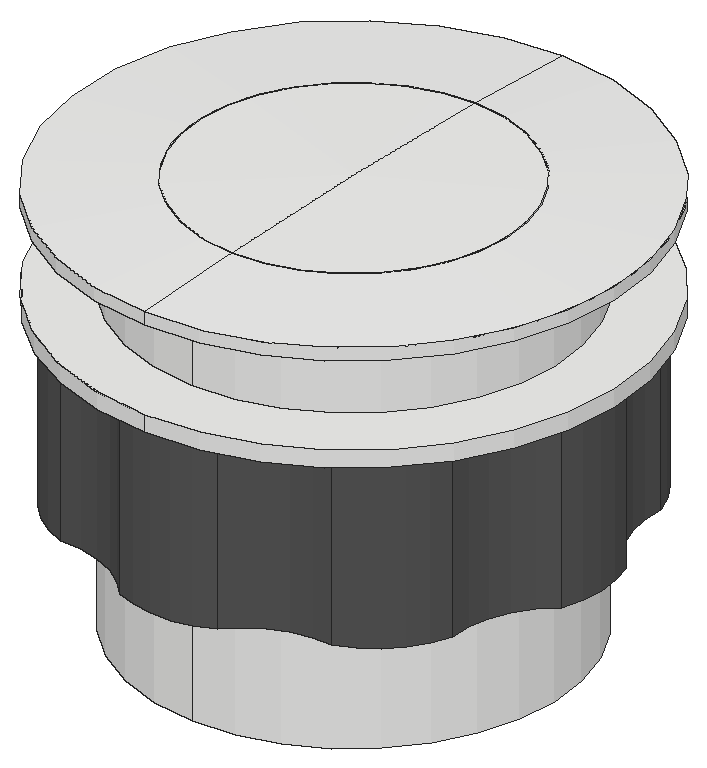
Revit family "Electronics_Masking-Generators_Biamp_Qt-Conference-Room-Edition_Emitter-W", category Communication Devices, host Face, Revit 2020 (continued)
Automatic sketch dimensions
  curve 4 to Extrusion 17 sketch curve = 14.3079"
  Extrusion 17 sketch curve to Extrusion 17 sketch curve = 2.42126"  (x2)
  Extrusion 17 sketch curve to curve 4 = 2.42126"
  Extrusion 17 sketch curve to Extrusion 17 sketch curve = 1.26181"
  Sweep 18 sketch curve to curve 4 = 17.85746"
  curve 4 to Sweep 18 sketch curve = 12.16535"
  Sweep 18 sketch curve to curve 4 = 12.16535"
  Sweep 18 sketch curve to profile plane = 0"  (x3)
  profile plane to Sweep 18 sketch curve = 0.07874"
  Sweep 18 sketch curve to Sweep 18 sketch curve = 1.49606"  (x4)
  Sweep 18 sketch curve to profile plane = 4.84252"
  Sweep 18 sketch curve to Sweep 18 sketch curve = 0.07874"
  Sweep 18 sketch curve to profile plane = 0.07874"  (x2)
  Sweep 18 to Extrusion 19 sketch curve = 0.07874"
  Extrusion 19 sketch curve to Sweep 18 = 0"  (x3)
  Extrusion 19 sketch curve to Extrusion 19 sketch curve = 0.82677"
  Extrusion 19 sketch curve to Extrusion 19 sketch curve = 0.07874"  (x2)
  Extrusion 19 sketch curve to Sweep 18 = 0.59055"
  Extrusion 20 sketch curve to Sweep 18 = 0"  (x2)
  Sweep 18 to Extrusion 20 sketch curve = 0"
  Sweep 18 to Extrusion 20 sketch curve = 0.07874"
  Extrusion 20 sketch curve to Extrusion 20 sketch curve = 0.82677"
  Extrusion 20 sketch curve to Extrusion 20 sketch curve = 0.07874"  (x2)
  Sweep 18 to Extrusion 20 sketch curve = 0.59055"
  Extrusion 21 sketch curve to Sweep 18 = 0"  (x2)
  Sweep 18 to Extrusion 21 sketch curve = 25.15748"
  Sweep 18 to Extrusion 21 sketch curve = 25.23622"
  Extrusion 21 sketch curve to Extrusion 21 sketch curve = 0.82677"
  Extrusion 21 sketch curve to Extrusion 21 sketch curve = 0.07874"  (x2)
  Extrusion 21 sketch curve to Sweep 18 = 0.59055"
  Extrusion 22 sketch curve to Sweep 18 = 0"  (x2)
  Sweep 18 to Extrusion 22 sketch curve = 25.15748"
  Sweep 18 to Extrusion 22 sketch curve = 25.23622"
  Extrusion 22 sketch curve to Extrusion 22 sketch curve = 0.82677"
  Extrusion 22 sketch curve to Extrusion 22 sketch curve = 0.07874"  (x2)
  Sweep 18 to Extrusion 22 sketch curve = 0.59055"
  Sweep 23 sketch curve to level = 1.23668"
  Sweep 23 sketch curve to plane 1 "Center (Front/Back)" = 0.55221"
  Sweep 23 sketch curve to Sweep 23 sketch curve = 0.94094"
  Sweep 23 sketch curve to Sweep 23 sketch curve = 0.81102"
  Sweep 23 sketch curve to Sweep 23 sketch curve = 1.42618"
  Sweep 23 sketch curve to Sweep 23 sketch curve = 0"  (x18)
  Sweep 23 sketch curve to profile plane = 0.0092"  (x2)
  Sweep 23 sketch curve to profile plane = 0.0683"  (x2)
  Sweep 23 sketch curve to Sweep 23 sketch curve = 0.0739"
  Sweep 23 sketch curve to Sweep 23 sketch curve = 0.04123"  (x2)
  Sweep 23 sketch curve to Sweep 23 sketch curve = 0.02486"  (x2)
  Sweep 23 sketch curve to Sweep 23 sketch curve = 0.0406"  (x2)
  Sweep 23 sketch curve to Sweep 23 sketch curve = 0.07874"
  Sweep 23 sketch curve to Sweep 23 sketch curve = 0.02368"  (x2)
  Sweep 23 sketch curve to plane 3 "Center (Left/Right)" = 0.31806"
  Sweep 23 sketch curve to Sweep 23 sketch curve = 0.04053"  (x2)
  Sweep 23 sketch curve to Sweep 23 sketch curve = 0.03244"
  Sweep 23 sketch curve to Sweep 23 sketch curve = 0.0351"  (x2)
  Sweep 23 sketch curve to plane 3 "Center (Left/Right)" = 0.12412"
  Sweep 23 sketch curve to plane 3 "Center (Left/Right)" = 0.111"
  plane 3 "Center (Left/Right)" to Sweep 23 sketch curve = 0.111"
  Sweep 23 sketch curve to Sweep 23 sketch curve = 0.01312"
  Sweep 23 sketch curve to Sweep 23 sketch curve = 0.11832"
  Sweep 23 sketch curve to Sweep 23 sketch curve = 0.02357"
  Sweep 23 sketch curve to profile plane = 0.0148"  (x2)
  Revolve 24 sketch curve to level = 0"
  Revolve 24 sketch curve to plane 1 "Center (Front/Back)" = 0"  (x2)
  level to Revolve 24 sketch curve = 0.18201"
  plane 1 "Center (Front/Back)" to Revolve 24 sketch curve = 0.47679"
  level to Revolve 24 sketch curve = 0.14035"
  Revolve 24 sketch curve to Revolve 24 sketch curve = 2.47596"
  Revolve 24 sketch curve to plane 1 "Center (Front/Back)" = 0.16867"
  Revolve 24 sketch curve to Revolve 24 sketch curve = 11.65138"
  plane 1 "Center (Front/Back)" to Revolve 24 sketch curve = 0"
  Revolve 24 sketch curve to Revolve 24 sketch curve = 0.33877"
  Revolve 24 sketch curve to Revolve 24 sketch curve = 0.19685"
  Revolve 24 sketch curve to Revolve 24 sketch curve = 0.20302"
  Revolve 24 sketch curve to Revolve 24 sketch curve = 1.11409"
  Revolve 26 sketch curve to curve 1 = 0"  (x2)
  Revolve 26 sketch curve to curve 1 = 0.35442"  (x2)
  Revolve 26 sketch curve to Revolve 26 sketch curve = 0.48967"
  Revolve 26 sketch curve to Revolve 26 sketch curve = 0.12798"
  Revolve 26 sketch curve to Revolve 26 sketch curve = 0.30224"
  Revolve 26 sketch curve to Revolve 26 sketch curve = 0.40354"
  Revolve 26 sketch curve to curve 1 = 0.08916"
  Revolve 26 sketch curve to Revolve 26 sketch curve = 2.77428"
  Revolve 26 sketch curve to Revolve 26 sketch curve = 0.51684"
  Revolve 26 sketch curve to curve 1 = 8.10858"
  Revolve 26 sketch curve to Revolve 26 sketch curve = 1.25"
  Revolve 26 sketch curve to curve 1 = 1.6436"
  Revolve 26 sketch curve to curve 1 = 5.73407"
  Extrusion 27 sketch curve to plane 3 "Center (Left/Right)" = 0"
  Masking region 1 sketch curve to level = 0"
  plane 1 "Center (Front/Back)" to Masking region 1 sketch curve = 1.20079"
  Masking region 1 sketch curve to plane 1 "Center (Front/Back)" = 1.20079"
  Masking region 1 sketch curve to Masking region 1 sketch curve = 0.3937"
  Masking region 2 sketch curve to plane 1 "Center (Front/Back)" = 0"  (x2)
  plane 1 "Center (Front/Back)" to Masking region 2 sketch curve = 0.52392"
  level to Masking region 2 sketch curve = 0.3937"
  plane 1 "Center (Front/Back)" to Masking region 2 sketch curve = 0.91337"
  Masking region 2 sketch curve to plane 1 "Center (Front/Back)" = 0.52392"
  Masking region 2 sketch curve to plane 1 "Center (Front/Back)" = 0.91337"
  Masking region 2 sketch curve to Masking region 2 sketch curve = 2.69747"
  Masking region 2 sketch curve to Masking region 2 sketch curve = 0.07363"
  plane 1 "Center (Front/Back)" to Masking region 2 sketch curve = 0.34418"
  Masking region 2 sketch curve to Masking region 2 sketch curve = 0.39317"
  Masking region 2 sketch curve to Masking region 2 sketch curve = 0.04837"
  plane 1 "Center (Front/Back)" to Masking region 2 sketch curve = 0.59677"
  Masking region 2 sketch curve to plane 1 "Center (Front/Back)" = 0.34418"
  Masking region 2 sketch curve to Masking region 2 sketch curve = 0.55538"  (x2)
  Masking region 2 sketch curve to plane 1 "Center (Front/Back)" = 0.59677"
  Masking region 2 sketch curve to Masking region 2 sketch curve = 0.24907"
  Masking region 2 sketch curve to Masking region 2 sketch curve = 0.035"
  plane 1 "Center (Front/Back)" to Masking region 2 sketch curve = 0.3477"
  Masking region 3 sketch curve to curve 3 = 1.88976"
  curve 3 to Masking region 3 sketch curve = 2.44094"
  curve 3 to Masking region 3 sketch curve = 1.69291"
  Masking region 3 sketch curve to curve 3 = 1.69291"
  plane 1 "Center (Front/Back)" to Masking region 4 sketch curve = 0"  (x2)
  Masking region 4 sketch curve to plane 3 "Center (Left/Right)" = 2.84917"
  Masking region 4 sketch curve to plane 3 "Center (Left/Right)" = 1.50182"  (x2)
  plane 3 "Center (Left/Right)" to Masking region 4 sketch curve = 1.50182"  (x2)
  Masking region 4 sketch curve to Masking region 4 sketch curve = 1.34735"
  plane 1 "Center (Front/Back)" to Masking region 4 sketch curve = 1.00394"  (x2)
  Masking region 4 sketch curve to Masking region 4 sketch curve = 0.19685"  (x2)
  Masking region 4 sketch curve to plane 1 "Center (Front/Back)" = 1.00394"  (x2)
  Masking region 4 sketch curve to Masking region 4 sketch curve = 0"  (x2)
  Masking region 5 sketch curve to Masking region 5 sketch curve = 0"  (x4)
  plane 1 "Center (Front/Back)" to Masking region 5 sketch curve = 0"  (x2)
  Masking region 5 sketch curve to plane 3 "Center (Left/Right)" = 2.84917"
  Masking region 5 sketch curve to Masking region 5 sketch curve = 1.12652"  (x3)
  plane 1 "Center (Front/Back)" to Masking region 5 sketch curve = 0.91337"
  Masking region 5 sketch curve to Masking region 5 sketch curve = 0.04015"  (x2)
  plane 3 "Center (Left/Right)" to Masking region 5 sketch curve = 1.68249"  (x2)
  Masking region 5 sketch curve to plane 1 "Center (Front/Back)" = 0.91337"
  Masking region 7 sketch curve to curve 3 = 1.88976"
  curve 3 to Masking region 7 sketch curve = 2.44094"
  curve 3 to Masking region 7 sketch curve = 1.69291"
  Masking region 7 sketch curve to curve 3 = 1.69291"
  curve 7 to curve 4 = 1.78074"
  curve 7 to curve 4 = 3.75112"
  curve 4 to curve 7 = 2.54997"
  Masking region 8 sketch curve to curve 7 = 0"
  curve 7 to Masking region 8 sketch curve = 0.07874"
  curve 7 to Masking region 8 sketch curve = 10.38461"
  curve 7 to Masking region 9 sketch curve = 0.12871"
  curve 7 to Masking region 9 sketch curve = 0.07874"
  curve 7 to Masking region 9 sketch curve = 0.64052"
  Masking region 9 sketch curve to curve 7 = 4.88189"
  curve 7 to Masking region 10 sketch curve = 1.5748"
  Masking region 10 sketch curve to curve 7 = 9.53665"
  curve 7 to Masking region 10 sketch curve = 0.07874"
  curve 7 to Masking region 10 sketch curve = 10.30587"
  Masking region 11 sketch curve to curve 7 = 0"
  curve 7 to Masking region 11 sketch curve = 0.09843"
  curve 7 to Masking region 11 sketch curve = 0.97517"
  Masking region 11 sketch curve to curve 7 = 0.20594"
  curve 7 to Masking region 12 sketch curve = 0.09843"
  curve 7 to Masking region 12 sketch curve = 1.20942"
  Masking region 12 sketch curve to Masking region 12 sketch curve = 0.3563"  (x2)
  Masking region 12 sketch curve to curve 7 = 0.44019"
  Masking region 12 sketch curve to Masking region 12 sketch curve = 1.15567"
  Masking region 12 sketch curve to Masking region 12 sketch curve = 0.35087"  (x2)
  Masking region 13 sketch curve to Masking region 13 sketch curve = 0"  (x10)
  Masking region 13 sketch curve to curve 7 = 0.02471"
  Masking region 13 sketch curve to curve 7 = 0.01486"
  curve 7 to Masking region 13 sketch curve = 0.01406"
  curve 7 to Masking region 13 sketch curve = 0.02489"
  Masking region 13 sketch curve to Masking region 13 sketch curve = 0.03802"  (x3)
  curve 7 to Masking region 13 sketch curve = 0.05907"  (x2)
  curve 7 to Masking region 13 sketch curve = 0.13452"
  Masking region 13 sketch curve to Masking region 13 sketch curve = 0.03975"  (x3)
  curve 7 to Masking region 13 sketch curve = 0.08043"  (x2)
  Masking region 13 sketch curve to Masking region 13 sketch curve = 0.03621"  (x2)
  Masking region 13 sketch curve to Masking region 13 sketch curve = 0.03402"  (x2)
  Masking region 13 sketch curve to Masking region 13 sketch curve = 0.00017"  (x2)
  curve 7 to Masking region 13 sketch curve = 1.20942"
  Masking region 13 sketch curve to curve 7 = 0.24595"  (x2)
  Masking region 13 sketch curve to Masking region 13 sketch curve = 0.42416"
  curve 7 to Masking region 13 sketch curve = 0.07149"
  curve 7 to Masking region 13 sketch curve = 0.56461"
  Masking region 13 sketch curve to Masking region 13 sketch curve = 0.03005"
  curve 7 to Masking region 13 sketch curve = 0.24952"  (x2)
  curve 7 to Masking region 13 sketch curve = 0.18812"
  Masking region 13 sketch curve to Masking region 13 sketch curve = 0.01083"
  curve 7 to Masking region 13 sketch curve = 0.25083"
  Masking region 13 sketch curve to curve 7 = 1.50731"
  Masking region 13 sketch curve to Masking region 13 sketch curve = 0.04664"
  Masking region 13 sketch curve to curve 7 = 0.25083"
  Masking region 13 sketch curve to Masking region 13 sketch curve = 0.00131"
  Masking region 13 sketch curve to Masking region 13 sketch curve = 0.0067"  (x2)
  Masking region 13 sketch curve to Masking region 13 sketch curve = 0.0057"  (x2)
  Masking region 13 sketch curve to Masking region 13 sketch curve = 0.006"
  Masking region 13 sketch curve to Masking region 13 sketch curve = 0.01494"  (x2)
  Masking region 13 sketch curve to curve 7 = 1.99267"
  Masking region 13 sketch curve to curve 7 = 0.44019"
  Masking region 14 sketch curve to curve 7 = 0"
  curve 7 to Masking region 14 sketch curve = 0.09843"
  curve 7 to Masking region 14 sketch curve = 0.97517"
  Masking region 14 sketch curve to curve 7 = 0.20594"
  curve 7 to Masking region 15 sketch curve = 0.15748"
  Masking region 15 sketch curve to curve 7 = 11.45003"
  curve 7 to Masking region 15 sketch curve = 12.21926"
  Masking region 15 sketch curve to Masking region 15 sketch curve = 0.05906"
  curve 7 to Masking region 16 sketch curve = 1.20942"
  Masking region 16 sketch curve to Masking region 16 sketch curve = 0.3563"  (x2)
  Masking region 16 sketch curve to curve 7 = 0.79649"
  Masking region 16 sketch curve to curve 7 = 1.60497"  (x2)
  Masking region 16 sketch curve to Masking region 16 sketch curve = 0.35087"
  curve 7 to Masking region 16 sketch curve = 0.15748"
  Masking region 17 sketch curve to Masking region 17 sketch curve = 0"  (x8)
  Masking region 17 sketch curve to curve 7 = 0.2405"
  Masking region 17 sketch curve to Masking region 17 sketch curve = 0.0194"
  Masking region 17 sketch curve to Masking region 17 sketch curve = 0.037"
  Masking region 17 sketch curve to Masking region 17 sketch curve = 0.03892"  (x2)
  Masking region 17 sketch curve to Masking region 17 sketch curve = 0.03529"
  Masking region 17 sketch curve to Masking region 17 sketch curve = 0.00099"  (x2)
  Masking region 17 sketch curve to curve 7 = 0.10729"
  Masking region 17 sketch curve to Masking region 17 sketch curve = 0.03937"  (x2)
  Masking region 17 sketch curve to Masking region 17 sketch curve = 0.03212"
  Masking region 17 sketch curve to Masking region 17 sketch curve = 0.00242"  (x2)
  curve 7 to Masking region 17 sketch curve = 1.20942"
  Masking region 17 sketch curve to curve 7 = 0.45526"  (x2)
  Masking region 17 sketch curve to Masking region 17 sketch curve = 1.08034"
  curve 7 to Masking region 17 sketch curve = 0.24252"
  curve 7 to Masking region 17 sketch curve = 0.8026"
  Masking region 17 sketch curve to Masking region 17 sketch curve = 0.03455"
  Masking region 17 sketch curve to Masking region 17 sketch curve = 0.03861"
  curve 7 to Masking region 17 sketch curve = 0.43436"
  Masking region 17 sketch curve to Masking region 17 sketch curve = 0.03628"
  curve 7 to Masking region 17 sketch curve = 0.37578"
  Masking region 17 sketch curve to Masking region 17 sketch curve = 0.02132"
  curve 7 to Masking region 17 sketch curve = 0.44255"
  Masking region 17 sketch curve to curve 7 = 1.47012"
  Masking region 17 sketch curve to Masking region 17 sketch curve = 0.04257"
  Masking region 17 sketch curve to curve 7 = 0.44255"
  Masking region 17 sketch curve to Masking region 17 sketch curve = 0.00819"
  Masking region 17 sketch curve to curve 7 = 0.24252"
  Masking region 17 sketch curve to Masking region 17 sketch curve = 0.01475"  (x2)
  curve 7 to Masking region 17 sketch curve = 2.0098"
  Masking region 17 sketch curve to curve 7 = 0.44019"
  Masking region 18 sketch curve to level = 0"
  Masking region 18 sketch curve to plane 3 "Center (Left/Right)" = 0.84394"
  plane 3 "Center (Left/Right)" to Masking region 18 sketch curve = 0.84394"
  Masking region 18 sketch curve to Masking region 18 sketch curve = 2.10881"
  Masking region 18 sketch curve to level = 6.33476"
  Masking region 18 sketch curve to Masking region 18 sketch curve = 0"
  Masking region 18 sketch curve to Masking region 18 sketch curve = 0.14035"  (x2)
  Masking region 19 sketch curve to plane 3 "Center (Left/Right)" = 0.33877"
  plane 3 "Center (Left/Right)" to Masking region 19 sketch curve = 0.33877"
  Masking region 19 sketch curve to plane 3 "Center (Left/Right)" = 0.4356"
  plane 3 "Center (Left/Right)" to Masking region 19 sketch curve = 0.4356"
  level to Masking region 19 sketch curve = 0.4751"
  Masking region 19 sketch curve to Masking region 19 sketch curve = 0.68895"
  curve 1 to curve 8 = 0.40996"
  curve 8 to curve 1 = 1.19451"
  curve 1 to curve 8 = 1.47516"
  Masking region 20 sketch curve to plane 3 "Center (Left/Right)" = 0.05877"
  plane 3 "Center (Left/Right)" to Masking region 20 sketch curve = 0.05877"
  Masking region 21 sketch curve to curve 8 = 0"
  curve 8 to Masking region 21 sketch curve = 0.04227"  (x2)
  Masking region 21 sketch curve to curve 8 = 2.89969"
  Masking region 21 sketch curve to curve 8 = 0.45903"
  curve 8 to Masking region 21 sketch curve = 0.27732"
  Masking region 21 sketch curve to Masking region 21 sketch curve = 0.29954"  (x2)
  Masking region 21 sketch curve to curve 8 = 0.85751"
  curve 8 to Masking region 21 sketch curve = 0.17838"
  curve 8 to Masking region 21 sketch curve = 2.61904"
  curve 8 to Masking region 21 sketch curve = 0.91063"  (x2)
  curve 8 to Masking region 21 sketch curve = 1.42747"  (x2)
  curve 8 to Masking region 21 sketch curve = 8.10858"
  Masking region 22 sketch curve to curve 7 = 0"
  curve 7 to Masking region 22 sketch curve = 0.09843"
  curve 7 to Masking region 22 sketch curve = 0.92398"
  Masking region 22 sketch curve to curve 7 = 0.15476"
  curve 7 to Masking region 23 sketch curve = 1.15657"
  curve 7 to Masking region 23 sketch curve = 0.09843"
  curve 7 to Masking region 23 sketch curve = 1.01011"
  Masking region 23 sketch curve to curve 7 = 0.24088"
  Masking region 24 sketch curve to level = 0"
  Masking region 24 sketch curve to plane 3 "Center (Left/Right)" = 1.81299"
  plane 3 "Center (Left/Right)" to Masking region 24 sketch curve = 1.81299"
  Masking region 24 sketch curve to Masking region 24 sketch curve = 0.3937"
  Masking region 25 sketch curve to plane 3 "Center (Left/Right)" = 1.81299"
  Masking region 25 sketch curve to Masking region 25 sketch curve = 0.0703"  (x2)
  plane 3 "Center (Left/Right)" to Masking region 25 sketch curve = 1.74269"
  level to Masking region 25 sketch curve = 0.3937"  (x2)
  Masking region 25 sketch curve to Masking region 25 sketch curve = 3.22522"  (x2)
  Masking region 26 sketch curve to plane 3 "Center (Left/Right)" = 1.69291"
  plane 3 "Center (Left/Right)" to Masking region 26 sketch curve = 1.69291"
  Masking region 26 sketch curve to level = 2.51969"
  level to Masking region 26 sketch curve = 1.81102"
  Masking region 27 sketch curve to plane 1 "Center (Front/Back)" = 1.87008"
  Masking region 27 sketch curve to plane 3 "Center (Left/Right)" = 0"
  plane 1 "Center (Front/Back)" to Masking region 28 sketch curve = 2.5"
  Masking region 28 sketch curve to plane 3 "Center (Left/Right)" = 14"
  plane 3 "Center (Left/Right)" to Masking region 28 sketch curve = 14"
  Masking region 28 sketch curve to plane 1 "Center (Front/Back)" = 2.5"
  Masking region 29 sketch curve to Masking region 29 sketch curve = 0"  (x2)
  plane 1 "Center (Front/Back)" to Masking region 29 sketch curve = 0"
  Masking region 29 sketch curve to plane 3 "Center (Left/Right)" = 0"
  Masking region 29 sketch curve to plane 1 "Center (Front/Back)" = 0.27559"  (x2)
  Masking region 29 sketch curve to plane 3 "Center (Left/Right)" = 1.67033"
  plane 1 "Center (Front/Back)" to Masking region 29 sketch curve = 0.27559"  (x2)
  Masking region 29 sketch curve to Masking region 29 sketch curve = 1.12013"  (x2)
  plane 3 "Center (Left/Right)" to Masking region 29 sketch curve = 1.67033"
  Masking region 31 sketch curve to plane 1 "Center (Front/Back)" = 3.99606"
  Masking region 31 sketch curve to plane 3 "Center (Left/Right)" = 12.16535"
  plane 1 "Center (Front/Back)" to Masking region 31 sketch curve = 2.42126"
  Masking region 31 sketch curve to Masking region 31 sketch curve = 0"  (x2)
  plane 3 "Center (Left/Right)" to Masking region 31 sketch curve = 12.16535"
  Masking region 31 sketch curve to Masking region 31 sketch curve = 1.5748"  (x2)
  plane 1 "Center (Front/Back)" to Masking region 30 sketch curve = 0"
  Masking region 30 sketch curve to plane 3 "Center (Left/Right)" = 0"
  Masking region 30 sketch curve to plane 3 "Center (Left/Right)" = 2.42126"
  plane 3 "Center (Left/Right)" to Masking region 30 sketch curve = 2.42126"
  plane 1 "Center (Front/Back)" to Masking region 30 sketch curve = 2.42126"
  Masking region 30 sketch curve to plane 1 "Center (Front/Back)" = 2.42126"
  Masking region 32 sketch curve to plane 1 "Center (Front/Back)" = 3.48425"
  Masking region 32 sketch curve to plane 3 "Center (Left/Right)" = 13.07087"
  Masking region 32 sketch curve to Masking region 32 sketch curve = 0"  (x2)
  Masking region 32 sketch curve to Masking region 32 sketch curve = 0.99926"  (x4)
  Masking region 32 sketch curve to plane 1 "Center (Front/Back)" = 2.5"
  plane 3 "Center (Left/Right)" to Masking region 32 sketch curve = 12.0716"
  plane 1 "Center (Front/Back)" to Masking region 32 sketch curve = 2.5"  (x2)
  Masking region 32 sketch curve to Masking region 32 sketch curve = 0.98425"  (x4)
  Masking region 33 sketch curve to Masking region 33 sketch curve = 0.70472"
  Masking region 33 sketch curve to Masking region 33 sketch curve = 0"
  plane 1 "Center (Front/Back)" to Masking region 33 sketch curve = 0"
  plane 3 "Center (Left/Right)" to Masking region 33 sketch curve = 0.35236"
  Masking region 33 sketch curve to plane 1 "Center (Front/Back)" = 0.27559"  (x2)
  Masking region 33 sketch curve to plane 3 "Center (Left/Right)" = 1.31797"
  plane 1 "Center (Front/Back)" to Masking region 33 sketch curve = 0.27559"  (x2)
  Masking region 33 sketch curve to Masking region 33 sketch curve = 1.25671"  (x2)
  plane 3 "Center (Left/Right)" to Masking region 33 sketch curve = 1.31797"
  Masking region 34 sketch curve to Masking region 34 sketch curve = 0"  (x2)
  plane 1 "Center (Front/Back)" to Masking region 34 sketch curve = 0"
  Masking region 34 sketch curve to plane 3 "Center (Left/Right)" = 0"
  plane 1 "Center (Front/Back)" to Masking region 35 sketch curve = 0"  (x3)
  Masking region 35 sketch curve to plane 3 "Center (Left/Right)" = 0"  (x3)
  Masking region 35 sketch curve to plane 3 "Center (Left/Right)" = 0.62978"  (x2)
  Masking region 35 sketch curve to plane 3 "Center (Left/Right)" = 0.76382"  (x2)
  Masking region 35 sketch curve to Masking region 35 sketch curve = 0.26689"
  Masking region 35 sketch curve to Masking region 35 sketch curve = 0.99066"
  Masking region 35 sketch curve to Masking region 35 sketch curve = 1.25754"
  plane 3 "Center (Left/Right)" to Masking region 35 sketch curve = 0.64458"  (x2)
  plane 3 "Center (Left/Right)" to Masking region 35 sketch curve = 0.80813"  (x2)
  Masking region 35 sketch curve to Masking region 35 sketch curve = 0.25209"
  Masking region 35 sketch curve to Masking region 35 sketch curve = 1.00865"  (x2)
  plane 1 "Center (Front/Back)" to Masking region 35 sketch curve = 0.62332"
  plane 1 "Center (Front/Back)" to Masking region 35 sketch curve = 0.63827"
  plane 1 "Center (Front/Back)" to Masking region 35 sketch curve = 0.74467"
  plane 1 "Center (Front/Back)" to Masking region 35 sketch curve = 0.78917"
  Masking region 35 sketch curve to Masking region 35 sketch curve = 0.2584"  (x2)
  Masking region 35 sketch curve to Masking region 35 sketch curve = 1.25596"  (x2)
  Masking region 35 sketch curve to Masking region 35 sketch curve = 1.00106"  (x2)
  Masking region 35 sketch curve to plane 1 "Center (Front/Back)" = 0.62332"
  Masking region 35 sketch curve to plane 1 "Center (Front/Back)" = 0.63827"
  Masking region 35 sketch curve to plane 1 "Center (Front/Back)" = 0.74467"
  Masking region 35 sketch curve to plane 1 "Center (Front/Back)" = 0.78917"
  Masking region 35 sketch curve to plane 3 "Center (Left/Right)" = 0.26731"  (x2)
  Masking region 35 sketch curve to Masking region 35 sketch curve = 0.55598"  (x2)
  Masking region 35 sketch curve to Masking region 35 sketch curve = 0.42037"  (x2)
  Masking region 35 sketch curve to plane 1 "Center (Front/Back)" = 0.29528"
  Masking region 35 sketch curve to Masking region 35 sketch curve = 0.22778"
  plane 1 "Center (Front/Back)" to Masking region 35 sketch curve = 0.29528"
  plane 3 "Center (Left/Right)" to Masking region 35 sketch curve = 0.31764"  (x2)
  Masking region 35 sketch curve to Masking region 35 sketch curve = 0.53486"  (x2)
  Masking region 35 sketch curve to Masking region 35 sketch curve = 0.41052"  (x2)
  Masking region 35 sketch curve to plane 1 "Center (Front/Back)" = 0.24723"
  Masking region 35 sketch curve to Masking region 35 sketch curve = 0"  (x2)
  Masking region 35 sketch curve to Masking region 35 sketch curve = 0.22316"
  Masking region 36 sketch curve to Masking region 36 sketch curve = 0"  (x2)
  Masking region 36 sketch curve to plane 3 "Center (Left/Right)" = 0"
  plane 1 "Center (Front/Back)" to Masking region 36 sketch curve = 0"
  plane 1 "Center (Front/Back)" to Masking region 36 sketch curve = 2.95276"
  level to Masking region 6 sketch curve = 0.18911"
  plane 1 "Center (Front/Back)" to Masking region 6 sketch curve = 1.19975"
  Masking region 6 sketch curve to Masking region 6 sketch curve = 0.81102"
  Masking region 6 sketch curve to Masking region 6 sketch curve = 0.75147"
  Masking region 6 sketch curve to Masking region 6 sketch curve = 0.18844"
  Masking region 6 sketch curve to level = 0.00015"
  Masking region 6 sketch curve to level = 1.04733"
  Masking region 6 sketch curve to Masking region 6 sketch curve = 0.18927"
  curve 7 to Masking region 37 sketch curve = 0.07874"  (x4)
  Masking region 37 sketch curve to curve 7 = 10.5209"
  Masking region 37 sketch curve to Masking region 37 sketch curve = 0.07874"  (x6)
  Masking region 37 sketch curve to Masking region 37 sketch curve = 0.82677"  (x2)
  curve 7 to Masking region 37 sketch curve = 2.24409"
  curve 7 to Masking region 37 sketch curve = 10.30587"
  Masking region 37 sketch curve to Masking region 37 sketch curve = 2.16535"
  Masking region 8 sketch curve to curve 7 = 9.61539"
  Revolve 28 sketch curve to curve 1 = 0"  (x2)
  curve 1 to Revolve 28 sketch curve = 0.20552"  (x2)
  curve 1 to Revolve 28 sketch curve = 0.89558"
  Revolve 28 sketch curve to Revolve 28 sketch curve = 0.40354"
  Revolve 28 sketch curve to curve 1 = 5.73407"
  Revolve 28 sketch curve to curve 1 = 8.10858"
  curve 1 to Revolve 28 sketch curve = 0.13525"
  Revolve 28 sketch curve to curve 1 = 1.42747"
  Revolve 28 sketch curve to curve 1 = 1.6436"
  Extrusion 29 sketch curve to Extrusion 29 sketch curve = 0"  (x4)
  plane 1 "Center (Front/Back)" to Extrusion 29 sketch curve = 0"  (x2)
  Extrusion 29 sketch curve to plane 3 "Center (Left/Right)" = 2.84917"
  Extrusion 29 sketch curve to Extrusion 29 sketch curve = 1.15554"  (x3)
  Extrusion 29 sketch curve to plane 1 "Center (Front/Back)" = 1.04819"  (x2)
  Extrusion 29 sketch curve to Extrusion 29 sketch curve = 0.03836"  (x4)
  plane 1 "Center (Front/Back)" to Extrusion 29 sketch curve = 1.03934"  (x2)
  plane 3 "Center (Left/Right)" to Extrusion 29 sketch curve = 1.65527"  (x2)
  Extrusion 30 sketch curve to plane 1 "Center (Front/Back)" = 0"
  level to Extrusion 30 sketch curve = 0.39416"  (x2)
  Extrusion 30 sketch curve to Extrusion 30 sketch curve = 0.29398"
  Extrusion 30 sketch curve to Extrusion 30 sketch curve = 0.32689"
  Extrusion 30 sketch curve to Extrusion 30 sketch curve = 1.16636"
  plane 1 "Center (Front/Back)" to Extrusion 30 sketch curve = 0.52392"
  plane 1 "Center (Front/Back)" to Extrusion 30 sketch curve = 0.9133"
  Extrusion 30 sketch curve to plane 1 "Center (Front/Back)" = 0.52392"
  Extrusion 30 sketch curve to plane 1 "Center (Front/Back)" = 0.9133"
  Extrusion 30 sketch curve to Extrusion 30 sketch curve = 2.69701"
  Extrusion 30 sketch curve to Extrusion 30 sketch curve = 0.07363"
  Sweep 31 sketch curve to plane 1 "Center (Front/Back)" = 0.55221"
  Sweep 31 sketch curve to level = 1.23668"
  level to Sweep 31 sketch curve = 0.1895"
  plane 1 "Center (Front/Back)" to Sweep 31 sketch curve = 0.38873"
  plane 1 "Center (Front/Back)" to Sweep 31 sketch curve = 1.19975"
  Sweep 31 sketch curve to plane 3 "Center (Left/Right)" = 0.35679"
  Sweep 31 sketch curve to profile plane = 0.00039"
  Sweep 31 sketch curve to Sweep 31 sketch curve = 0.18848"
  plane 3 "Center (Left/Right)" to Sweep 31 sketch curve = 0.35679"
  curve 2 to curve 3 = 1.65856"
  curve 1 to plane 1 "Center (Front/Back)" = 0.20552"
  plane 1 "Center (Front/Back)" to curve 1 = 0.35442"
  plane 1 "Center (Front/Back)" to curve 2 = 2.53027"
  plane 1 "Center (Front/Back)" to Extrusion 5 sketch curve = 0"
  Extrusion 5 sketch curve to plane 3 "Center (Left/Right)" = 0"
  curve 3 to curve 6 = 2.40157"
  curve 5 to curve 3 = 9.40113"
  curve 3 to curve 6 = 4.72491"
  curve 6 to curve 6 = 1.37795"
  curve 6 to curve 5 = 0.24404"
  radius of Extrusion 6 sketch curve = 1.62598"
  radius of Extrusion 7 sketch curve to Extrusion 6 = 0"
  radius of Extrusion 9 sketch curve to Extrusion 8 = 0"
  radius of Extrusion 8 sketch curve = 1.5748"
  radius of Extrusion 9 sketch curve to Extrusion 8 = 0.23425"
  radius of Extrusion 12 sketch curve to Extrusion 9 = 0"  (x2)
  radius of Extrusion 13 sketch curve = 1.5748"
  radius of Extrusion 14 sketch curve to Extrusion 13 = 0"
  radius of Extrusion 13 to Extrusion 14 sketch curve = 0.07874"
  radius of Extrusion 25 sketch curve to Revolve 24 = 0.28"
  radius of Extrusion 27 sketch curve = 1.69291"
  radius of Masking region 27 sketch curve = 1.69291"
  radius of Masking region 30 sketch curve = 1.69291"
  radius of Masking region 34 sketch curve = 1.34055"
  radius of Masking region 34 sketch curve = 1.26181"
  radius of Extrusion 32 sketch curve to Extrusion 6 = 0"
  radius of Extrusion 32 sketch curve to Extrusion 6 = 0.08313"
Nested families (in)
  nested 1: "EMITTER" at (0, 0, -0.00166), Housing Material <- "Housing Material", Grid Matreial <- "Grid Material", type "EMITTER"
    with Housing Material Biamp - Plastic - White, Grid Matreial Biamp - Plastic - White(Grid)
  nested 2: "Universal Mount" at (0, 0, 0), type "Universal Mount"
  nested 3: "Beam Mount" at (0, 0, 0), type "Beam Mount"
  nested 4: "Pendant Mount" at (0, 0, 0), type "Pendant Mount"
  nested 5: "Drywall Mount" at (0, 0, 0), type "Drywall Mount"
  nested 6: "Drywall Rough-in Mount" at (0, 0, 0), type "Drywall Rough-in Mount"
  nested 7: "Ceiling Conduit Mount" at (0, 0, 0), type "Ceiling Conduit Mount"
  nested 8: "Standard Mount" at (0, 0, 0), type "Standard Mount"
  nested 9: "Family2" at (0, 0, -4.33071), visible <- "Nom Universal Mount", type "Family2"
    with Housing Material Biamp - Plastic - Black
Connectors (in)
  electrical at (-0.21646, -0.13663, -2.2977), driven by "Connector Description"
    settings: on nested 1, index 1, voltage 0 V, apparent load 0 VA, apparent load phase1 0 VA, apparent load phase2 0 VA, apparent load phase3 0 VA, power factor 1, load classification "Other", number of poles 1, system type 5, power factor state 1, is connector primary yes, connector utility no, sub classification motor no, connector description "RJ-45 Input"
  electrical at (0.21646, -0.13663, -2.2977)
    settings: on nested 1, index 2, voltage 0 V, apparent load 0 VA, apparent load phase1 0 VA, apparent load phase2 0 VA, apparent load phase3 0 VA, power factor 1, load classification "Other", number of poles 1, system type 5, power factor state 1, is connector primary no, connector utility no, sub classification motor no, connector description "RJ-45 Output"
Definition of nested family "EMITTER"
  Parameters (values of type "EMITTER")
    Housing Material [instance] = none
    Grid Matreial [instance] = none
    Default Elevation = 48"
  Reference planes (in)
    plane 1 "Center (Front/Back)": y = 0
    plane 2: z = 0
    plane 3 "Center (Left/Right)": x = 0
  Forms (in)
    Revolve 1, solid, material <- "Housing Material", detail levels medium+fine
      sketch origin (0, 0, 0) x (0, 1, 0) y (0, 0, 1)
        loop
          line (-1.25, 0) -> (-1.25, -2.37451) -> (0, -2.37451) -> (0, 0.12549)
          arc (0, 0.12549) -> (-0.8134, 0.11255) -> (-1.62598, 0.07375) r 25.57567
          line (-1.62598, 0.07375) -> (-1.62598, 0) -> (-1.25, 0)
        axis (0, -2.37451) -> (0, 0.12549)
      angle from 0 to 360
    Revolve 2, void
      sketch origin (0, 0, 0) x (0, 1, 0) y (0, 0, 1)
        loop
          arc (0, 0.12549) -> (-0.47474, 0.12109) -> (-0.94931, 0.10787) r 25.57567
          line (-0.94931, 0.10787) -> (-0.94931, 0) -> (0, 0) -> (0, 0.12549)
        axis (0, 0) -> (0, 0.12549)
      angle from 0 to 360
    Revolve 3, solid, material <- "Grid Matreial", detail levels medium+fine
      sketch origin (0, 0, 0) x (0, 1, 0) y (0, 0, 1)
        loop
          arc (0, 0.12549) -> (-0.47474, 0.12109) -> (-0.94931, 0.10787) r 25.57567
          line (-0.94931, 0.10787) -> (-0.94931, 0) -> (0, 0) -> (0, 0.12549)
        axis (0, 0) -> (0, 0.12549)
      angle from 0 to 360
    Revolve 4, solid, material <- "Housing Material", detail levels coarse
      sketch origin (0, 0, 0) x (0, 1, 0) y (0, 0, 1)
        loop
          line (-1.25, 0) -> (-1.25, -2.37451) -> (0, -2.37451) -> (0, 0.12549)
          arc (0, 0.12549) -> (-0.8134, 0.11255) -> (-1.62598, 0.07375) r 25.57567
          line (-1.62598, 0.07375) -> (-1.62598, 0) -> (-1.25, 0)
        axis (0, -2.37451) -> (0, 0.12549)
      angle from 0 to 360
    Extrusion 5, void
      sketch origin (0, 0, -2.37451) x (-1, 0, 0) y (0, 1, 0)
        loop
          line (-0.39233, -0.3317) -> (-0.04058, -0.3317) -> (-0.04058, -0.13485) -> (-0.08677, -0.13485) -> (-0.08677, -0.0872) -> (-0.13298, -0.0872) -> (-0.13298, -0.04397) -> (-0.29994, -0.04397) -> (-0.29994, -0.0872) -> (-0.34615, -0.0872) -> (-0.34615, -0.13485) -> (-0.39233, -0.13485) -> (-0.39233, -0.3317)
        loop
          line (0.04058, -0.3317) -> (0.39233, -0.3317) -> (0.39233, -0.13485) -> (0.34615, -0.13485) -> (0.34615, -0.0872) -> (0.29994, -0.0872) -> (0.29994, -0.04397) -> (0.13298, -0.04397) -> (0.13298, -0.0872) -> (0.08677, -0.0872) -> (0.08677, -0.13485) -> (0.04058, -0.13485) -> (0.04058, -0.3317)
      from -0.07847 to 0
  Cuts and joins
    Revolve 2, Extrusion 5 cuts Revolve 1
    Extrusion 5 cuts Revolve 4
  Lines and regions (in)
    Masking region 1
      outline origin (0, 0, 0) x (1, 0, 0) y (0, 1, 0)
        loop
          circle (0, 0) r 1.62598
    Masking region 2
      outline origin (0, 0, 0) x (1, 0, 0) y (0, 0, 1)
        loop
          line (-1.62598, 0) -> (1.62598, 0) -> (1.62598, 0.07375)
          arc (1.62598, 0.07375) -> (0, 0.12665) -> (-1.62598, 0.07375) r 25.01577
          line (-1.62598, 0.07375) -> (-1.62598, 0)
    Masking region 3
      outline origin (0, 0, 0) x (1, 0, 0) y (0, 0, 1)
        loop
          line (-1.25, 0) -> (-1.25, -2.37451) -> (1.25, -2.37451) -> (1.25, 0) -> (-1.25, 0)
    Masking region 4
      outline origin (0, 0, 0) x (0, 1, 0) y (0, 0, 1)
        loop
          line (-1.25, 0) -> (-1.25, -2.37451) -> (1.25, -2.37451) -> (1.25, 0) -> (-1.25, 0)
    Masking region 5
      outline origin (0, 0, 0) x (0, 1, 0) y (0, 0, 1)
        loop
          arc (1.62598, 0.07375) -> (0, 0.12691) -> (-1.62598, 0.07375) r 24.89362
          line (-1.62598, 0.07375) -> (-1.62598, 0) -> (1.62598, 0) -> (1.62598, 0.07375)
  Dimensions and locks (in)
    aligned and locked: level to plane 2
Definition of nested family "Family2"
  Parameters (values of type "Family2")
    Housing Material [instance] = none
    Default Elevation = 48"
  Reference planes (in)
    plane 1 "Center (Front/Back)": y = 0
    plane 2: z = 0
    plane 3 "Center (Left/Right)": x = 0
  Forms (in)
    Extrusion 1, solid, material <- "Housing Material"
      sketch origin (0, 0, 0) x (1, 0, 0) y (0, 1, 0)
        loop
          circle (0, 0) r 1.69291
        loop
          circle (0, 0) r 1.25197
      from 0 to 4.33071
  Lines and regions (in)
    Masking region 1
      outline origin (0, 0, 0) x (1, 0, 0) y (0, 1, 0)
        loop
          circle (0, 0) r 1.69291
        loop
          circle (0, 0) r 1.25197
    Masking region 2
      outline origin (0, 0, 0) x (0, 1, 0) y (0, 0, 1)
        loop
          line (-1.69291, 4.33071) -> (-1.69291, 0) -> (1.69291, 0) -> (1.69291, 4.33071) -> (-1.69291, 4.33071)
    Masking region 3
      outline origin (0, 0, 0) x (1, 0, 0) y (0, 0, 1)
        loop
          line (1.69291, 4.33071) -> (-1.69291, 4.33071) -> (-1.69291, 0) -> (1.69291, 0) -> (1.69291, 4.33071)
  Dimensions and locks (in)
    aligned and locked: level to plane 2
Definition of nested family "Universal Mount"
  Parameters (values of type "Universal Mount")
    Height = 0"
    Default Elevation = 0"
  Reference planes (in)
    plane 1 "Center (Front/Back)": y = 0
    plane 2: z = 0
    plane 3 "Center (Left/Right)": x = 0
  Dimensions and locks (in)
    aligned and locked: level to plane 2
Definition of nested family "Beam Mount"
  Parameters (values of type "Beam Mount")
    Height = 0"
    Default Elevation = 0"
  Reference planes (in)
    plane 1 "Center (Front/Back)": y = 0
    plane 2: z = 0
    plane 3 "Center (Left/Right)": x = 0
  Dimensions and locks (in)
    aligned and locked: level to plane 2
Definition of nested family "Pendant Mount"
  Parameters (values of type "Pendant Mount")
    Height = 0"
    Default Elevation = 0"
  Reference planes (in)
    plane 1 "Center (Front/Back)": y = 0
    plane 2: z = 0
    plane 3 "Center (Left/Right)": x = 0
  Dimensions and locks (in)
    aligned and locked: level to plane 2
Definition of nested family "Drywall Mount"
  Parameters (values of type "Drywall Mount")
    Height = 0"
    Default Elevation = 0"
  Reference planes (in)
    plane 1 "Center (Front/Back)": y = 0
    plane 2: z = 0
    plane 3 "Center (Left/Right)": x = 0
  Dimensions and locks (in)
    aligned and locked: level to plane 2
Definition of nested family "Drywall Rough-in Mount"
  Parameters (values of type "Drywall Rough-in Mount")
    Height = 0"
    Default Elevation = 0"
  Reference planes (in)
    plane 1 "Center (Front/Back)": y = 0
    plane 2: z = 0
    plane 3 "Center (Left/Right)": x = 0
  Dimensions and locks (in)
    aligned and locked: level to plane 2
Definition of nested family "Ceiling Conduit Mount"
  Parameters (values of type "Ceiling Couduit Mount")
    Height = 0"
    Default Elevation = 0"
  Reference planes (in)
    plane 1 "Center (Front/Back)": y = 0
    plane 2: z = 0
    plane 3 "Center (Left/Right)": x = 0
  Dimensions and locks (in)
    aligned and locked: level to plane 2
Definition of nested family "Standard Mount"
  Parameters (values of type "Standart Mount")
    Height = 0"
    Default Elevation = 0"
  Reference planes (in)
    plane 1 "Center (Front/Back)": y = 0
    plane 2: z = 0
    plane 3 "Center (Left/Right)": x = 0
  Dimensions and locks (in)
    aligned and locked: level to plane 2
